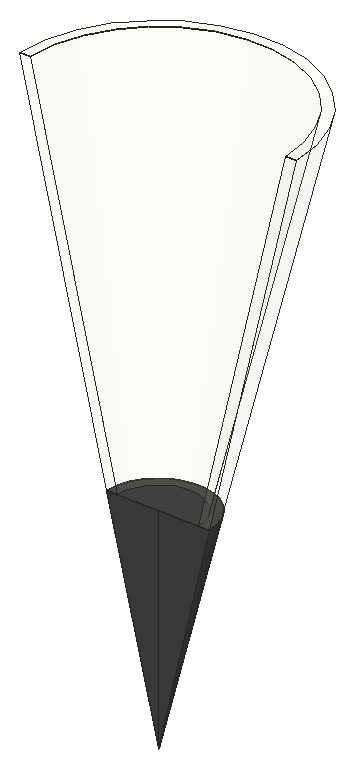
Revit family "auto-照明-壁灯", category Lighting Fixtures, host Wall, Revit 2020
Family settings
  Host = Wall
  Round Connector Dimension = Use Diameter
  Part Type = Normal
  Always vertical = Yes
  Cut with Voids When Loaded = No
  Light Source = Yes
  Shared = No
  Room Calculation Point = No
Parameters (values of type "BR-0477 01 R65*H270")
  Default Elevation = 0 mm
  Color Filter = 16777215
  Assembly Code = ""
  built-in parameter 1150133 = 10 (stored number, unit not read)
  Description = "永久免费族库下载，找构件就上构件坞"
  built-in parameter 1150113 = 1 (stored number, unit not read)
  built-in parameter 1150134 = 3
  Type Comments = ""
  built-in parameter 1150110 = 1 (stored number, unit not read)
  Wattage = 7.27067 W
  built-in parameter 1150106 = 0.85944 (stored number, unit not read)
  built-in parameter 1150114 = 1 (stored number, unit not read)
  built-in parameter 1150115 = 1 (stored number, unit not read)
  built-in parameter 1150112 = 1 (stored number, unit not read)
  built-in parameter 1150109 = 1 (stored number, unit not read)
  built-in parameter 1114218 = 1 (stored number, unit not read)
  Keynote = ""
  Dimming Lamp Color Temperature Shift = <None>
  built-in parameter 1150104 = 13.8 (stored number, unit not read)
  built-in parameter 1150105 = 85.944 (stored number, unit not read)
  Manufacturer = ""
  Lamp = ""
  Model = ""
  built-in parameter 1150138 = (empty or 0)
  built-in parameter 1150107 = 3200 (stored number, unit not read)
  built-in parameter 1150132 = 2
  built-in parameter 1150102 = (empty or 0)
  Lumens = 1080 lm
  장착 높이 = 1500 mm
  built-in parameter 1150137 = (empty or 0)
  Light Source Symbol Size = 609.6 mm
  built-in parameter 1150139 = (empty or 0)
  built-in parameter 1114217 = 1 (stored number, unit not read)
  lighting box material2 = black metal
  lighting box material1 = Pastel Yellow glass
  Wattage Comments = ""
  URL = "www.goujianwu.com"
  Hight = Glass Height + 100 mm  # 270 mm
  Glass Height = 170 mm
  Lighting Radius = 65 mm
Reference planes
  plane 1: y = 0
  plane 2 "조명원 축": x = 0
  plane 3: z = 1580
  plane 4 "조명원 높이값": z = 1500
  plane 5 "조명원 축": y = 139.7
Forms (mm)
  Revolve 1, solid, material "Pastel Yellow glass" <- "lighting box material1"
    sketch origin (-1524, 76.2, 0) x (-1, 0, 0) y (0, 0, 1)
      loop
        line (-1583.857, 1580) -> (-1589, 1580) -> (-1548.074, 1410) -> (-1542.931, 1410) -> (-1583.857, 1580)
      axis (-1524, 1580) -> (-1524, 1410)
    angle from 180 to 360
  Revolve 2, solid, material "black metal" <- "lighting box material2"
    sketch origin (-1524, 76.2, 100) x (-1, 0, 0) y (0, 0, 1)
      loop
        line (-1524, 1310) -> (-1548.074, 1310) -> (-1524, 1210) -> (-1524, 1310)
      axis (-1524, 1310) -> (-1524, 1210)
    angle from 0 to -180
Text (mm)
  text "Front" at (0, 1019.848, 3124.603), in view "front"
  text "정면" at (-641.454, 723.012, 0), in view "plan"
  text "정면" at (0, 977.893, 2611.958), in view "right"
Dimensions and locks
  host wall to plane 5 "조명원 축" = 63.5 mm
  locked: plane 4 "조명원 높이값" to plane 3 at 80
  "장착 높이": level to plane 4 "조명원 높이값"
  locked: host wall to plane 5 "조명원 축" at 63.5
  "Lighting Radius": Revolve 1 sketch curve to plane 2 "조명원 축"
  locked: Revolve 2 sketch curve to Revolve 2 sketch curve at 100
  "Glass Height": Revolve 1 sketch curve to Revolve 1 sketch curve
  aligned and locked: Revolve 2 sketch curve to Revolve 1
  aligned and locked: plane 3 to Revolve 1
  aligned and locked: imposter light to plane 2 "조명원 축"
  aligned and locked: plane 5 "조명원 축" to imposter light
  aligned and locked: plane 4 "조명원 높이값" to imposter light
Automatic sketch dimensions
  plane 3 to Revolve 1 sketch curve = 0 mm
  Revolve 1 sketch curve to plane 2 "조명원 축" = 0 mm
  plane 2 "조명원 축" to Revolve 1 sketch curve = 18.931 mm
  Revolve 1 sketch curve to Revolve 1 sketch curve = 5.143 mm  (x2)
  Revolve 1 sketch curve to Revolve 1 sketch curve = 70 mm
  Revolve 1 sketch curve to plane 3 = 50 mm
  Revolve 2 sketch curve to plane 2 "조명원 축" = 0 mm  (x2)
  Revolve 2 sketch curve to Revolve 2 sketch curve = 63.557 mm
  Revolve 2 sketch curve to Revolve 2 sketch curve = 1.443 mm
  plane 2 "조명원 축" to Revolve 2 sketch curve = 24.074 mm
